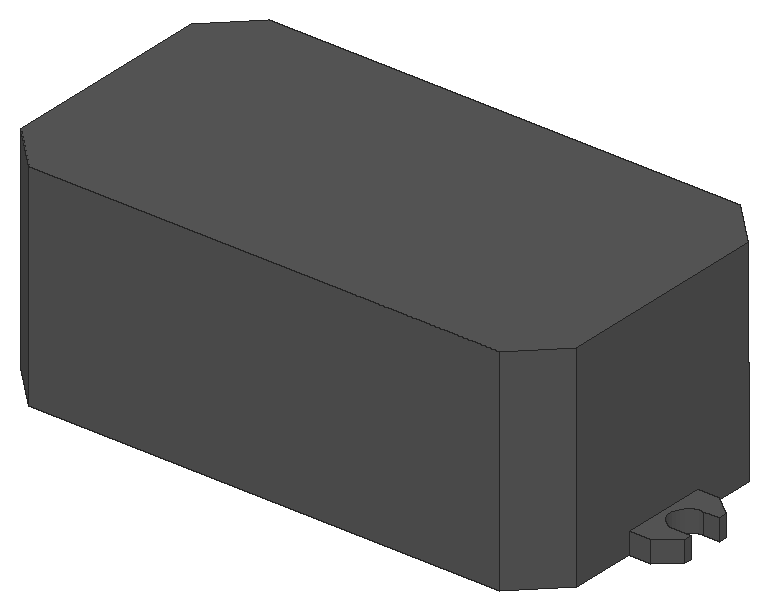
Revit family "Electrical_Equipment-HCS-Emergency_Lighting_Controls-Relay", category Electrical Equipment, host Face, Revit 2014
Parameters (values of type "UL924")
  Wires = "7”, 105° C, 600V Rated"  # constant formula
  Warranty = "Five years"  # constant formula
  Voltage Input = 120 V
  Voltage = "120V"  # constant formula
  URL = "https://www.hubbell.com/hubbellcontrolsolutions/en/"
  Type Comments = "Electrical Equipment"  # constant formula
  Product Page URL = "https://www.hubbell.com/hubbellcontrolsolutions/en/Products/Lighting-Controls/Lighting-Controls-Sensors/Emergency-Lighting-Controls/Bypass-Relays/p/220879"
  Product Material = Hubbell - Black
  Product Documentation Link = "https://hubbellcdn.com/specsheet/6002a_ul924_br_cutsheet.pdf"
  Power Factor = 1
  Operating Temperature = "32° to 140°F (0° to 60°C)"  # constant formula
  Operating Environment = "Indoor use only"  # constant formula
  Number of Poles = 1
  Model = "UL924"  # constant formula
  Manufacturer = "Hubbell Controls Solution"  # constant formula
  Humidity = "0% to 90% non condensing \r\nrelative humidity"  # constant formula
  Load Classification = Power
  Keynote = ""
  Housing Rating = "Plenum, NEMA 1"  # constant formula
  Frequency = 60 Hz
  Flame Rating = "UL94V-0"  # constant formula
  Description = "UL924 Enclosed 20 AMP Emergency Lighting Control Relay"  # constant formula
  Default Elevation = 0.000"
  Create Date = "04/17/2018"  # constant formula
  Copyright = "Copyright © Hubbell Control Solutions"  # constant formula
  Contact Us = "https://www.hubbell.com/hubbellcontrolsolutions/en/contactUs?productId=220879"
  Connector Description 2 = "Controls"  # constant formula
  Connector Description 1 = "Direct Current Power Supply"  # constant formula
  Certifications = "UL Listed, UL924"  # constant formula
  Apparent Load = 0.800 VA
Reference planes (in)
  plane 1 "Center (Front/Back)": y = 0
  plane 2 "Bottom": z = 0
  plane 3 "Center (Left/Right)": x = 0
  plane 4: y = 0.875
  plane 5: y = -0.875
  plane 6: x = 1.875
  plane 7: x = -1.875
  plane 8: x = -1.625
  plane 9: x = 1.625
  plane 10: z = 1.25
  plane 11: y = 0.25
  plane 12: y = -0.25
  plane 13: z = 0.125
  plane 14: through (-1.22257, 1.02743, 48) normal (0.7071, -0.7071, 0)
  plane 15: through (1.18934, 1.06066, 48) normal (0.7071, 0.7071, 0)
  plane 16: through (-1.80707, -0.44293, 48) normal (0.7071, 0.7071, 0)
  plane 17: through (1.12483, -1.12517, 48) normal (-0.7071, 0.7071, 0)
Forms (in)
  Extrusion 1, solid, material "Hubbell - Black" <- "Product Material"
    sketch origin (0, 0, 0) x (1, 0, 0) y (0, 1, 0)
      loop
        line (-1.375, 0.875) -> (-1.625, 0.625) -> (-1.625, -0.625) -> (-1.375, -0.875) -> (1.375, -0.875) -> (1.625, -0.625) -> (1.625, 0.625) -> (1.375, 0.875) -> (-1.375, 0.875)
    from 0 to 1.25
  Extrusion 2, solid, material "Hubbell - Black" <- "Product Material", detail levels medium+fine
    sketch origin (0, 0, 0) x (1, 0, 0) y (0, 1, 0)
      loop
        line (-1.75498, 0.25) -> (-1.875, 0.14929) -> (-1.875, 0.10525) -> (-1.77538, 0.10525)
        arc (-1.77538, 0.10525) -> (-1.67013, 0) -> (-1.77538, -0.10525) r 0.10525
        line (-1.77538, -0.10525) -> (-1.875, -0.10525) -> (-1.875, -0.14929) -> (-1.75498, -0.25) -> (-1.625, -0.25) -> (-1.625, 0.25) -> (-1.75498, 0.25)
      loop
        line (1.75498, 0.25) -> (1.625, 0.25) -> (1.625, -0.25) -> (1.75498, -0.25) -> (1.875, -0.14929) -> (1.875, -0.10525) -> (1.77538, -0.10525)
        arc (1.77538, -0.10525) -> (1.67013, 0) -> (1.77538, 0.10525) r 0.10525
        line (1.77538, 0.10525) -> (1.875, 0.10525) -> (1.875, 0.14929) -> (1.75498, 0.25)
    from 0 to 0.125
Lines and regions (in)
  symbolic lines
    curve 1: line (-1.625, 0.875, 0) -> (1.625, 0.875, 0)
    curve 2: line (-1.625, -0.875, 0) -> (-1.625, 0.875, 0)
    curve 3: line (1.625, -0.875, 0) -> (-1.625, -0.875, 0)
    curve 4: line (1.625, 0.875, 0) -> (1.625, -0.875, 0)
    curve 5: line (-1.625, 0, 1.25) -> (1.625, 0, 1.25)
    curve 6: line (-1.625, 0, 0) -> (-1.625, 0, 1.25)
    curve 7: line (1.625, 0, 0) -> (-1.625, 0, 0)
    curve 8: line (1.625, 0, 1.25) -> (1.625, 0, 0)
    curve 9: line (0, 0.875, 1.25) -> (0, -0.875, 1.25)
    curve 10: line (0, 0.875, 0) -> (0, 0.875, 1.25)
    curve 11: line (0, -0.875, 0) -> (0, 0.875, 0)
    curve 12: line (0, -0.875, 1.25) -> (0, -0.875, 0)
Dimensions and locks (in)
  equal spacing: plane 4, plane 1 "Center (Front/Back)", plane 5
  equal spacing: plane 7, plane 3 "Center (Left/Right)", plane 6
  equal spacing: plane 8, plane 3 "Center (Left/Right)", plane 9
  locked: plane 10 to plane 2 "Bottom" at 1.25
  equal spacing: plane 11, plane 1 "Center (Front/Back)", plane 12
  locked: plane 13 to plane 2 "Bottom" at 0.125
  aligned and locked: plane 2 "Bottom" to host face
  aligned and locked: level to host face
  aligned and locked: Extrusion 1 sketch curve to plane 4
  aligned and locked: Extrusion 1 sketch curve to plane 8
  aligned and locked: Extrusion 1 sketch curve to plane 5
  aligned and locked: Extrusion 1 sketch curve to plane 9
  aligned and locked: Extrusion 1 to plane 2 "Bottom"
  aligned and locked: plane 10 to Extrusion 1
  aligned and locked: Extrusion 2 sketch curve to plane 11
  aligned and locked: Extrusion 2 sketch curve to plane 12
  aligned and locked: plane 8 to Extrusion 2 sketch curve
  aligned and locked: Extrusion 2 sketch curve to plane 9
  aligned and locked: plane 6 to Extrusion 2 sketch curve  (x2)
  aligned and locked: plane 11 to Extrusion 2 sketch curve
  aligned and locked: plane 12 to Extrusion 2 sketch curve
  aligned and locked: plane 13 to Extrusion 2
  aligned and locked: Extrusion 2 to plane 2 "Bottom"
  aligned and locked: curve 1 to plane 4
  aligned and locked: curve 2 to plane 8
  aligned and locked: curve 3 to plane 5
  aligned and locked: curve 4 to plane 9
  aligned and locked: plane 10 to curve 9
  aligned and locked: plane 4 to curve 10
  aligned and locked: plane 14 to Extrusion 1 sketch curve
  aligned and locked: plane 15 to Extrusion 1 sketch curve
  aligned and locked: plane 16 to Extrusion 1 sketch curve
  aligned and locked: plane 17 to Extrusion 1 sketch curve
Automatic sketch dimensions
  host sketch curve to host sketch curve = 96.000"  (x2)
  Extrusion 2 sketch curve to plane 7 = 0.000"  (x2)
  plane 1 "Center (Front/Back)" to Extrusion 2 sketch curve = 0.000"  (x2)
  Extrusion 2 sketch curve to plane 7 = 0.09962"
  Extrusion 2 sketch curve to plane 7 = 0.12002"  (x2)
  Extrusion 2 sketch curve to plane 6 = 0.12002"  (x2)
  Extrusion 2 sketch curve to Extrusion 2 sketch curve = 0.09962"
  Extrusion 2 sketch curve to plane 12 = 0.10071"  (x2)
  Extrusion 2 sketch curve to Extrusion 2 sketch curve = 0.10525"
  plane 1 "Center (Front/Back)" to Extrusion 2 sketch curve = 0.10525"
  Extrusion 2 sketch curve to Extrusion 2 sketch curve = 0.04404"  (x2)
  curve 9 to plane 5 = 0.000"
  curve 11 to level = 0.000"
  curve 7 to level = 0.000"
  plane 8 to curve 7 = 0.000"
  curve 7 to plane 9 = 0.000"
  curve 6 to plane 10 = 0.000"
Connectors (in)
  electrical at (0, 0, 0), driven by "Load Classification", driven by "Voltage Input", driven by "Apparent Load", driven by "Power Factor", driven by "Connector Description 1"
    settings: on Extrusion 1, index 1, voltage 120 V, apparent load 0.800 VA, apparent load phase1 0.000 VA, apparent load phase2 0.000 VA, apparent load phase3 0.000 VA, power factor 1, load classification "Power", number of poles 1, system type 30, power factor state 1, is connector primary yes, connector utility no, sub classification motor no, connector description "Direct Current Power Supply"
